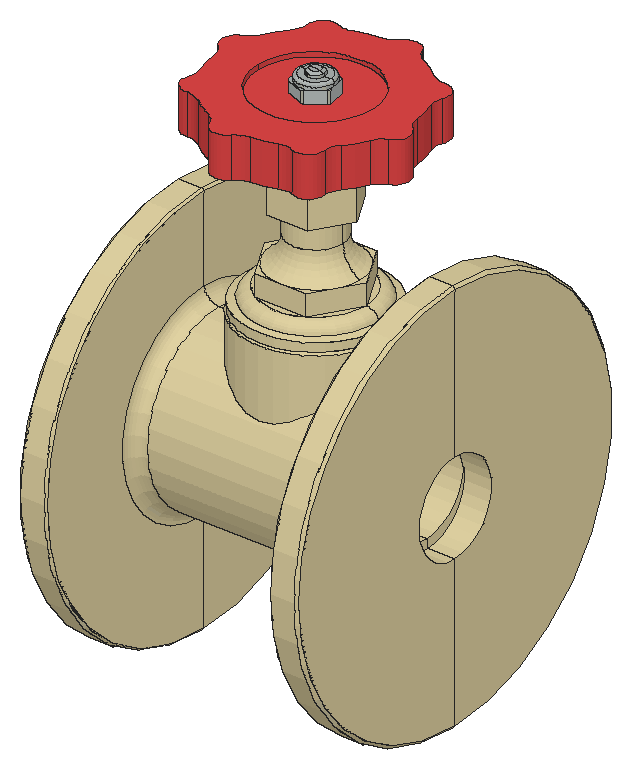
Revit family "AA01910000", category Apparecchi idraulici, Revit 2020
Family settings
  Quota connettore circolare = Usa diametro
  Tipo di parte = Normale
  Numero OmniClass = 23.45.00.00
  Titolo OmniClass = Sanitary, Laundry, and Cleaning Equipment
  Basato su piano di lavoro = No
  Sempre verticale = Sì
  Taglio con vuoti quando caricato = No
  Condiviso = No
  Punto di calcolo locali = No
Parameters
  URL = "https://web.cimberio.it/index.php/figura/647?subcategoria_id="
  Temperatura di esercizio = "-10 ÷ 170°C (DN 15 ÷ 100); -10 ÷ 150°C (DN 125 e 150)"
  Prospetto di default = 0 mm
  Produttore = "CIMBERIO SPA"
  Pressione nominale = "PN 16 (DN 15 ÷ 100); PN 10 (DN 125 e 150)"
  Modello = "Cim 72FPN16"
  Materiale = "Prodotto in lega di ottone conforme alla norma EN 12165-CW617N-DW"
  Descrizione = "Utilizzato nei più svariati settori dell'impiantistica: impianti di riscaldamento, condizionamento, idrici, igienico-sanitari, reti di distribuzione oli, benzine, vapore saturo e in generale con ogni fluido non corrosivo.\r\nUtilizzato nei più svariati settori dell'impiantistica: impianti di riscaldamento, condizionamento, idrici, igienico-sanitari, reti di distribuzione oli, benzine, vapore saturo e in generale con ogni fluido non corrosivo.\r\nUtilizzato nei più svariati settori dell'impiantistica: impianti di riscaldamento, condizionamento, idrici, igienico-sanitari, reti di distribuzione oli, benzine, vapore saturo e in generale con ogni fluido non corrosivo."
  DN Model [instance] = AA01703179 : AA01703179
  DN [instance] = 32 mm
  Commenti sul tipo = "Realizzato in ottemperanza ai requisiti gestionali della norma EN ISO 9001.\r\nCollaudato al 100% secondo la normativa EN 12266-1"
Reference planes
  plane 1 "Centro (Fronte/Retro)": y = 0
  plane 2: z = 0
  plane 3 "Centro (Sinistra/Destra)": x = 0
Dimensions and locks
  aligned and locked: level to plane 2
Nested families
  nested 1: "AA01703179" at (0, 0, 0), type <- "DN Model", type "AA01703179"
  nested 2: "AA01703179" at (0, 0, 0), type <- "DN Model", type "AA01703179"
  nested 3: "AA01703179" at (0, 0, 0), type <- "DN Model", type "AA01703179"
  nested 4: "AA01703179" at (0, 0, 0), type <- "DN Model", type "AA01703179"
  nested 5: "AA01703179" at (0, 0, 0), type <- "DN Model", type "AA01703179"
  nested 6: "AA01703179" at (0, 0, 0), type <- "DN Model", type "AA01703179"
  nested 7: "AA01703179" at (0, 0, 0), type <- "DN Model", type "AA01703179"
  nested 8: "AA01703179" at (0, 0, 0), type <- "DN Model", type "AA01703179"
  nested 9: "AA01703179" at (0, 0, 0), type <- "DN Model", type "AA01703179"
  nested 10: "AA01703179" at (0, 0, 0), type <- "DN Model", type "AA01703179"
  nested 11: "AA01703179" at (0, 0, 0), type <- "DN Model", type "AA01703179"
Connectors
  piping at (48.75, 0, -3), diameter 32, driven by "DN"
    settings: on nested 1, index 1, connector inside diameter 609.6 mm, connector length 0 mm, flow factor 0, pipe flow 0.0 L/s, pressure drop 0.0 Pa, fitting loss kfactor 0, connector angle 0.00°, fixture units 0, engagement length 0 mm, angle of deflection 0.00°, flow configuration 0, flow direction 0, fitting loss method 0, system type 7, joint type 0, gender type 0, connector reference index -1, connector utility 0, adjustable connector no, is connector primary yes, connector description ""
  piping at (-48.75, 0, -3), diameter 32, driven by "DN"
    settings: on nested 1, index 2, connector inside diameter 609.6 mm, connector length 0 mm, flow factor 0, pipe flow 0.0 L/s, pressure drop 0.0 Pa, fitting loss kfactor 0, connector angle 0.00°, fixture units 0, engagement length 0 mm, angle of deflection 0.00°, flow configuration 0, flow direction 0, fitting loss method 0, system type 7, joint type 0, gender type 0, connector reference index -1, connector utility 0, adjustable connector no, is connector primary no, connector description ""
Definition of nested family "AA01703179"
  Parameters (values of type "AA01703179")
    Default Elevation = 0 mm
  Reference planes
    plane 1 "Centro (Fronte/Retro)": y = 0
    plane 2: z = 0
    plane 3 "Centro (Sinistra/Destra)": x = 0
  Forms (mm)
    Revolve 1, solid
      sketch origin (0, 0, 0) x (1, 0, 0) y (0, 0, 1)
        loop
          line (39, -16) -> (-39, -16) -> (-39, -36)
          arc (-39, -36) -> (-37.536, -32.464) -> (-34, -31) r 5
          line (-34, -31) -> (34, -31)
          arc (34, -31) -> (37.536, -32.464) -> (39, -36) r 5
          line (39, -36) -> (39, -16)
        axis (-39, 0) -> (39, 0)
      angle from 0 to 360
    Revolve 2, solid
      sketch origin (0, 0, 29) x (1, 0, 0) y (0, 0, 1)
        loop
          line (0, 20.5) -> (-17.75, 20.5)
          arc (-17.75, 20.5) -> (-20.503, 19.512) -> (-22, 17) r 4.33
          line (-22, 17) -> (-24.5, 16.33) -> (-24.5, 13.366) -> (-25, 12.5) -> (-25, -12.298) -> (0, -12.298) -> (0, 20.5)
        axis (0, 20.5) -> (0, -12.298)
      angle from 0 to 360
    Extrusion 3, solid
      sketch origin (0, 0, 19.5) x (0, -1, 0) y (1, 0, 0)
        loop
          line (0, 17.75) -> (-15.372, 8.875) -> (-15.372, -8.875) -> (0, -17.75) -> (15.372, -8.875) -> (15.372, 8.875) -> (0, 17.75)
      from 30 to 37.225
    Revolve 4, solid
      sketch origin (0, 0, 30) x (1, 0, 0) y (0, 0, 1)
        loop
          line (0, 44.5) -> (-9.45, 44.5) -> (-9.45, 35.868)
          arc (-9.45, 35.868) -> (-11.118, 30.414) -> (-15.448, 26.725) r 10
          line (-15.448, 26.725) -> (0, 26.725) -> (0, 44.5)
        axis (0, 44.5) -> (0, 26.725)
      angle from 0 to 360
    Extrusion 5, solid
      sketch origin (0, 0, 19.5) x (0, -1, 0) y (1, 0, 0)
        loop
          line (0, 14.4) -> (-12.471, 7.2) -> (-12.471, -7.2) -> (0, -14.4) -> (12.471, -7.2) -> (12.471, 7.2) -> (0, 14.4)
      from 55 to 67
    Revolve 6, solid
      sketch origin (0, 0, 32.008) x (1, 0, 0) y (0, 0, 1)
        loop
          line (-10, 66.336) -> (-10, 64.992)
          arc (-10, 64.992) -> (-9.854, 64.639) -> (-9.5, 64.492) r 0.5
          line (-9.5, 64.492) -> (-5, 64.492) -> (-5, 53.951) -> (0, 53.951) -> (0, 66.336) -> (-10, 66.336)
        axis (0, 66.336) -> (0, 53.951)
      angle from 0 to 360
    Extrusion 7, solid
      sketch origin (0, 0, 19.5) x (0.999972, 0.007506, 0) y (-0.007506, 0.999972, 0)
        loop
          spline (-16.266, 31.079) -> (-17.215, 31.383) -> (-18.159, 31.542) -> (-19.079, 31.554) -> (-19.955, 31.418) -> (-20.77, 31.138) -> (-21.509, 30.718) -> (-22.156, 30.168) -> (-22.699, 29.497) -> (-23.126, 28.72) -> (-23.429, 27.852) -> (-23.602, 26.911) -> (-23.642, 25.914)
          arc (-23.642, 25.914) -> (-24.024, 23.423) -> (-25.269, 21.232) r 6.956
          arc (-25.269, 21.232) -> (-27.836, 17.734) -> (-29.922, 13.929) r 33.005
          arc (-29.922, 13.929) -> (-31.382, 11.874) -> (-33.478, 10.475) r 6.957
          spline (-33.478, 10.475) -> (-34.364, 10.018) -> (-35.144, 9.463) -> (-35.803, 8.821) -> (-36.326, 8.106) -> (-36.705, 7.331) -> (-36.93, 6.512) -> (-36.998, 5.665) -> (-36.908, 4.807) -> (-36.661, 3.956) -> (-36.261, 3.128) -> (-35.718, 2.34) -> (-35.041, 1.607)
          arc (-35.041, 1.607) -> (-33.55, -0.425) -> (-32.881, -2.855) r 6.956
          arc (-32.881, -2.855) -> (-32.223, -7.143) -> (-31.007, -11.308) r 33.005
          arc (-31.007, -11.308) -> (-30.587, -13.794) -> (-31.079, -16.266) r 6.959
          spline (-31.079, -16.266) -> (-31.383, -17.215) -> (-31.542, -18.159) -> (-31.554, -19.079) -> (-31.418, -19.955) -> (-31.138, -20.77) -> (-30.718, -21.509) -> (-30.168, -22.156) -> (-29.497, -22.699) -> (-28.72, -23.126) -> (-27.852, -23.429) -> (-26.911, -23.602) -> (-25.914, -23.642)
          arc (-25.914, -23.642) -> (-23.423, -24.024) -> (-21.232, -25.269) r 6.955
          arc (-21.232, -25.269) -> (-17.734, -27.836) -> (-13.929, -29.922) r 33.005
          arc (-13.929, -29.922) -> (-11.881, -31.375) -> (-10.483, -33.46) r 6.958
          spline (-10.483, -33.46) -> (-10.027, -34.349) -> (-9.472, -35.133) -> (-8.831, -35.794) -> (-8.116, -36.321) -> (-7.34, -36.701) -> (-6.52, -36.929) -> (-5.672, -36.999) -> (-4.813, -36.909) -> (-3.96, -36.662) -> (-3.131, -36.263) -> (-2.341, -35.719) -> (-1.607, -35.041)
          arc (-1.607, -35.041) -> (0.425, -33.55) -> (2.855, -32.881) r 6.956
          arc (2.855, -32.881) -> (7.144, -32.222) -> (11.309, -31.007) r 33.005
          arc (11.309, -31.007) -> (13.784, -30.586) -> (16.247, -31.072) r 6.957
          spline (16.247, -31.072) -> (17.2, -31.379) -> (18.147, -31.541) -> (19.07, -31.555) -> (19.949, -31.42) -> (20.768, -31.139) -> (21.509, -30.718) -> (22.158, -30.165) -> (22.702, -29.492) -> (23.129, -28.712) -> (23.432, -27.84) -> (23.604, -26.894) -> (23.641, -25.894)
          arc (23.641, -25.894) -> (24.027, -23.414) -> (25.269, -21.232) r 6.956
          arc (25.269, -21.232) -> (27.836, -17.734) -> (29.921, -13.929) r 33.005
          arc (29.921, -13.929) -> (31.375, -11.881) -> (33.46, -10.483) r 6.959
          spline (33.46, -10.483) -> (34.351, -10.026) -> (35.135, -9.47) -> (35.797, -8.828) -> (36.324, -8.11) -> (36.704, -7.333) -> (36.93, -6.511) -> (36.998, -5.662) -> (36.907, -4.801) -> (36.657, -3.947) -> (36.255, -3.117) -> (35.707, -2.327) -> (35.026, -1.593)
          arc (35.026, -1.593) -> (33.546, 0.434) -> (32.881, 2.854) r 6.955
          arc (32.881, 2.854) -> (32.223, 7.143) -> (31.007, 11.308) r 33.005
          arc (31.007, 11.308) -> (30.586, 13.784) -> (31.072, 16.247) r 6.958
          spline (31.072, 16.247) -> (31.377, 17.192) -> (31.539, 18.131) -> (31.556, 19.047) -> (31.427, 19.92) -> (31.154, 20.734) -> (30.743, 21.473) -> (30.202, 22.122) -> (29.542, 22.668) -> (28.776, 23.1) -> (27.919, 23.411) -> (26.987, 23.593) -> (26, 23.643)
          arc (26, 23.643) -> (23.464, 24.01) -> (21.232, 25.269) r 6.961
          arc (21.232, 25.269) -> (17.733, 27.836) -> (13.929, 29.922) r 33.005
          arc (13.929, 29.922) -> (11.874, 31.382) -> (10.475, 33.478) r 6.957
          spline (10.475, 33.478) -> (10.017, 34.365) -> (9.461, 35.147) -> (8.818, 35.806) -> (8.101, 36.329) -> (7.324, 36.707) -> (6.503, 36.932) -> (5.655, 36.998) -> (4.796, 36.906) -> (3.943, 36.656) -> (3.114, 36.253) -> (2.325, 35.706) -> (1.593, 35.026)
          arc (1.593, 35.026) -> (-0.434, 33.546) -> (-2.854, 32.881) r 6.956
          arc (-2.854, 32.881) -> (-7.143, 32.223) -> (-11.308, 31.007) r 33.005
          arc (-11.308, 31.007) -> (-13.794, 30.587) -> (-16.266, 31.079) r 6.959
      from 78 to 91.983
    Extrusion 8, void
      sketch origin (0, -1.881, 19.5) x (1, 0, 0) y (0, 1, 0)
        loop
          circle (-0.133, 1.881) r 20
      from 90.5 to 92.729
    Extrusion 9, solid
      sketch origin (-0.001, -0.001, 34.5) x (0.500497, -0.865738, 0) y (0.865738, 0.500497, 0)
        loop
          arc (-6.599, 3.005) -> (-6.779, 2.572) -> (-6.931, 2.128) r 7.25
          line (-6.931, 2.128) -> (-5.901, -4.211)
          arc (-5.901, -4.211) -> (-5.616, -4.584) -> (-5.307, -4.937) r 7.25
          line (-5.307, -4.937) -> (0.698, -7.215)
          arc (0.698, -7.215) -> (1.163, -7.154) -> (1.624, -7.064) r 7.25
          line (1.624, -7.064) -> (6.598, -3.002)
          arc (6.598, -3.002) -> (6.779, -2.569) -> (6.931, -2.125) r 7.25
          line (6.931, -2.125) -> (5.9, 4.214)
          arc (5.9, 4.214) -> (5.615, 4.587) -> (5.307, 4.941) r 7.25
          line (5.307, 4.941) -> (-0.698, 7.218)
          arc (-0.698, 7.218) -> (-1.164, 7.158) -> (-1.624, 7.068) r 7.25
          line (-1.624, 7.068) -> (-6.599, 3.005)
      from 75 to 79.5
    Revolve 10, solid
      sketch origin (0, 0, 34.5) x (1, 0, 0) y (0, 0, 1)
        loop
          line (0, 81.5) -> (0, 79.5) -> (6.25, 79.5) -> (6.25, 80.5)
          arc (6.25, 80.5) -> (5.957, 81.207) -> (5.25, 81.5) r 1
          line (5.25, 81.5) -> (0, 81.5)
        axis (0, 81.5) -> (0, 79.5)
      angle from 0 to 360
    Revolve 11, solid
      sketch origin (0, 0, 22.508) x (1, 0, 0) y (0, 0, 1)
        loop
          line (0, 95) -> (0, 93) -> (1.851, 93) -> (2.902, 93.446) -> (2.902, 94.245) -> (1.9, 95) -> (0, 95)
        axis (0, 95) -> (0, 93)
      angle from 0 to 360
    Revolve 12, solid
      sketch origin (0, 0, 0) x (1, 0, 0) y (0, 0, 1)
        loop
          line (-48.75, 13) -> (-39, 13) -> (-39, 65.5) -> (-39.75, 66.25) -> (-47.75, 66.25) -> (-48.75, 65.25) -> (-48.75, 13)
        axis (-48.75, -3) -> (-39, -3)
      angle from 0 to 360
    Revolve 13, solid
      sketch origin (0, 0, 0) x (-1, 0, 0) y (0, 0, 1)
        loop
          line (-48.75, 13) -> (-39, 13) -> (-39, 65.5) -> (-39.75, 66.25) -> (-47.75, 66.25) -> (-48.75, 65.25) -> (-48.75, 13)
        axis (-48.75, -3) -> (-39, -3)
      angle from 0 to 360
  Cuts and joins
    Extrusion 8 cuts Extrusion 7
  Dimensions and locks
    aligned and locked: level to plane 2
